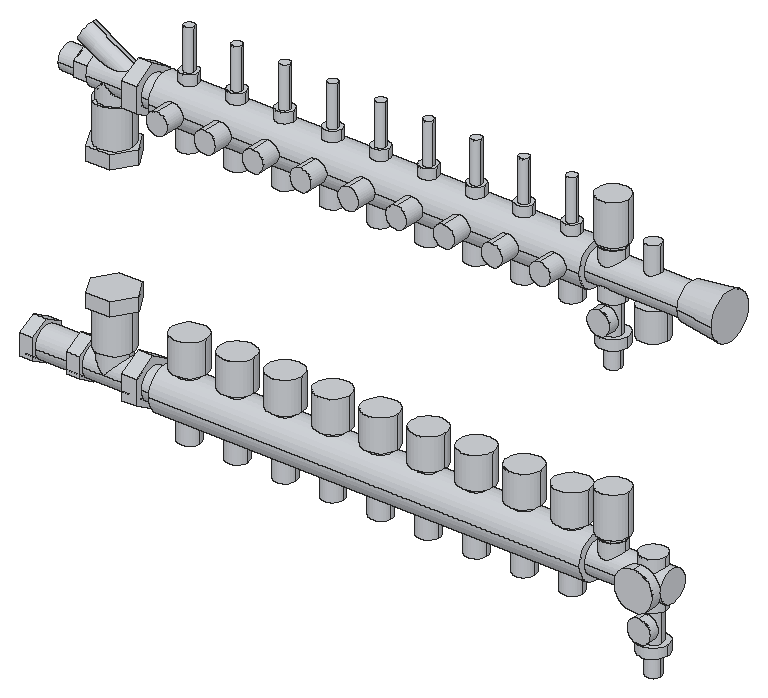
Revit family "318_1dab38ccfa9a4ba2b3cf6a35155c09", category Pipe Accessories, Revit 2017 (continued)
Automatic sketch dimensions
  Extrusion 18 sketch curve to plane 14 "377" = 10.5 mm  (x2)
  Extrusion 18 sketch curve to plane 32 "359" = 10.5 mm  (x2)
  plane 60 "331" to Extrusion 18 sketch curve = 4 mm
  Extrusion 19 sketch curve to plane 1 "Center (Front/Back)" = 0 mm  (x2)
  Extrusion 19 sketch curve to plane 14 "377" = 0 mm
  Extrusion 19 sketch curve to plane 5 "386" = 2.187 mm
  Extrusion 19 sketch curve to plane 1 "Center (Front/Back)" = 18.187 mm
  Extrusion 19 sketch curve to plane 14 "377" = 10.5 mm  (x2)
  Extrusion 19 sketch curve to plane 32 "359" = 10.5 mm  (x2)
  plane 60 "331" to Extrusion 19 sketch curve = 4 mm
  Extrusion 20 sketch curve to plane 5 "386" = 0 mm
  Extrusion 21 sketch curve to plane 1 "Center (Front/Back)" = 0 mm  (x2)
  Extrusion 21 sketch curve to plane 53 "338" = 0 mm
  Extrusion 21 sketch curve to plane 54 "337" = 0 mm
  plane 37 "354" to Extrusion 21 sketch curve = 0.349 mm
  Extrusion 21 sketch curve to plane 34 "357" = 9.5 mm  (x2)
  Extrusion 21 sketch curve to plane 1 "Center (Front/Back)" = 21.651 mm
  plane 58 "333" to Extrusion 21 sketch curve = 3.5 mm  (x2)
  Extrusion 22 sketch curve to plane 1 "Center (Front/Back)" = 0 mm  (x2)
  Extrusion 22 sketch curve to plane 60 "331" = 0 mm
  Extrusion 22 sketch curve to plane 56 "335" = 0 mm
  plane 37 "354" to Extrusion 22 sketch curve = 0.349 mm
  Extrusion 22 sketch curve to plane 14 "377" = 8.5 mm  (x2)
  Extrusion 22 sketch curve to plane 1 "Center (Front/Back)" = 21.651 mm
  Extrusion 22 sketch curve to plane 32 "359" = 12.5 mm  (x2)
  Extrusion 23 sketch curve to plane 5 "386" = 0 mm
  Extrusion 110 sketch curve to plane 5 "386" = 0 mm
  Blend 111 sketch curve to plane 5 "386" = 3 mm
  Blend 111 sketch curve to plane 37 "354" = 2 mm
  plane 49 "342" to Extrusion 112 sketch curve = 5 mm
  plane 1 "Center (Front/Back)" to Extrusion 113 sketch curve = 0 mm  (x2)
  plane 49 "342" to Extrusion 113 sketch curve = 5 mm
  Extrusion 113 sketch curve to plane 52 "339" = 6.5 mm  (x2)
  Extrusion 113 sketch curve to plane 9 "382" = 2.258 mm
  Extrusion 113 sketch curve to plane 46 "345" = 0.5 mm  (x2)
  plane 46 "345" to Extrusion 113 sketch curve = 6 mm
  Extrusion 113 sketch curve to plane 1 "Center (Front/Back)" = 11.258 mm
  plane 49 "342" to Extrusion 114 sketch curve = 2 mm
  Extrusion 115 sketch curve to plane 5 "386" = 0 mm
  plane 49 "342" to Extrusion 116 sketch curve = 5 mm
  plane 49 "342" to Extrusion 117 sketch curve = 2 mm
  plane 1 "Center (Front/Back)" to Extrusion 118 sketch curve = 0 mm  (x2)
  plane 49 "342" to Extrusion 118 sketch curve = 5 mm
  Extrusion 118 sketch curve to plane 52 "339" = 6.5 mm  (x2)
  Extrusion 118 sketch curve to plane 9 "382" = 2.258 mm
  Extrusion 118 sketch curve to plane 46 "345" = 0.5 mm  (x2)
  plane 46 "345" to Extrusion 118 sketch curve = 6 mm
  Extrusion 118 sketch curve to plane 1 "Center (Front/Back)" = 11.258 mm
  Extrusion 119 sketch curve to plane 47 "344" = 0 mm
  Extrusion 120 sketch curve to Extrusion 120 sketch curve = 8 mm
  Extrusion 121 sketch curve to Extrusion 121 sketch curve = 9 mm
  Extrusion 122 sketch curve to Extrusion 122 sketch curve = 13 mm
  Extrusion 123 sketch curve to plane 9 "382" = 1 mm
  Extrusion 124 sketch curve to plane 9 "382" = 1 mm
  Extrusion 125 sketch curve to plane 9 "382" = 1 mm
  Extrusion 126 sketch curve to plane 9 "382" = 1 mm
  Extrusion 127 sketch curve to plane 9 "382" = 1 mm
  Extrusion 128 sketch curve to plane 9 "382" = 1 mm
  Extrusion 129 sketch curve to plane 9 "382" = 1 mm
  Extrusion 130 sketch curve to plane 9 "382" = 1 mm
  Extrusion 131 sketch curve to plane 9 "382" = 1 mm
  Extrusion 132 sketch curve to plane 9 "382" = 1 mm
  Extrusion 133 sketch curve to plane 9 "382" = 1 mm
  Extrusion 134 sketch curve to plane 9 "382" = 1 mm
  Extrusion 135 sketch curve to plane 9 "382" = 1 mm
  Extrusion 136 sketch curve to plane 9 "382" = 1 mm
  Extrusion 137 sketch curve to plane 9 "382" = 1 mm
  Extrusion 138 sketch curve to plane 9 "382" = 1 mm
  Extrusion 139 sketch curve to plane 9 "382" = 1 mm
  Extrusion 140 sketch curve to plane 9 "382" = 1 mm
  Extrusion 141 sketch curve to plane 9 "382" = 1 mm
  Extrusion 142 sketch curve to plane 9 "382" = 1 mm
Connectors
  piping at (0, 0, 0), diameter 25, driven by "Flow supply main", driven by "SMP"
    settings: on Extrusion 139, index 1, connector inside diameter 609.6 mm, connector length 0 mm, flow factor 0, pipe flow 0.0 L/s, pressure drop 0.0 Pa, fitting loss kfactor 0, connector angle 0.00°, fixture units 0, engagement length 0 mm, angle of deflection 0.00°, flow configuration 1, flow direction 1, fitting loss method 0, system type 7, joint type 0, gender type 0, connector reference index -1, connector utility 0, adjustable connector no, is connector primary yes, connector description "Main_1_1"
  piping at (127, 0, -40), diameter 18, driven by "Flow supply 1", driven by "SBP1"
    settings: on Extrusion 141, index 2, connector inside diameter 609.6 mm, connector length 0 mm, flow factor 0, pipe flow 0.0 L/s, pressure drop 0.0 Pa, fitting loss kfactor 0, connector angle 0.00°, fixture units 0, engagement length 0 mm, angle of deflection 0.00°, flow configuration 0, flow direction 2, fitting loss method 0, system type 7, joint type 0, gender type 0, connector reference index -1, connector utility 0, adjustable connector no, is connector primary no, connector description "Branch_1_1"
  piping at (177, 0, -40), diameter 18, driven by "Flow supply 2", driven by "SBP2"
    settings: on Extrusion 142, index 3, connector inside diameter 609.6 mm, connector length 0 mm, flow factor 0, pipe flow 0.0 L/s, pressure drop 0.0 Pa, fitting loss kfactor 0, connector angle 0.00°, fixture units 0, engagement length 0 mm, angle of deflection 0.00°, flow configuration 0, flow direction 2, fitting loss method 0, system type 7, joint type 0, gender type 0, connector reference index -1, connector utility 0, adjustable connector no, is connector primary no, connector description "Branch_1_2"
  piping at (227, 0, -40), diameter 18, driven by "Flow supply 3", driven by "SBP3"
    settings: on Extrusion 138, index 4, connector inside diameter 609.6 mm, connector length 0 mm, flow factor 0, pipe flow 0.0 L/s, pressure drop 0.0 Pa, fitting loss kfactor 0, connector angle 0.00°, fixture units 0, engagement length 0 mm, angle of deflection 0.00°, flow configuration 0, flow direction 2, fitting loss method 0, system type 7, joint type 0, gender type 0, connector reference index -1, connector utility 0, adjustable connector no, is connector primary no, connector description "Branch_1_3"
  piping at (277, 0, -40), diameter 18, driven by "Flow supply 4", driven by "SBP4"
    settings: on Extrusion 137, index 5, connector inside diameter 609.6 mm, connector length 0 mm, flow factor 0, pipe flow 0.0 L/s, pressure drop 0.0 Pa, fitting loss kfactor 0, connector angle 0.00°, fixture units 0, engagement length 0 mm, angle of deflection 0.00°, flow configuration 0, flow direction 2, fitting loss method 0, system type 7, joint type 0, gender type 0, connector reference index -1, connector utility 0, adjustable connector no, is connector primary no, connector description "Branch_1_4"
  piping at (327, 0, -40), diameter 18, driven by "Flow supply 5", driven by "SBP5"
    settings: on Extrusion 136, index 6, connector inside diameter 609.6 mm, connector length 0 mm, flow factor 0, pipe flow 0.0 L/s, pressure drop 0.0 Pa, fitting loss kfactor 0, connector angle 0.00°, fixture units 0, engagement length 0 mm, angle of deflection 0.00°, flow configuration 0, flow direction 2, fitting loss method 0, system type 7, joint type 0, gender type 0, connector reference index -1, connector utility 0, adjustable connector no, is connector primary no, connector description "Branch_1_5"
  piping at (377, 0, -40), diameter 18, driven by "Flow supply 6", driven by "SBP6"
    settings: on Extrusion 135, index 7, connector inside diameter 609.6 mm, connector length 0 mm, flow factor 0, pipe flow 0.0 L/s, pressure drop 0.0 Pa, fitting loss kfactor 0, connector angle 0.00°, fixture units 0, engagement length 0 mm, angle of deflection 0.00°, flow configuration 0, flow direction 2, fitting loss method 0, system type 7, joint type 0, gender type 0, connector reference index -1, connector utility 0, adjustable connector no, is connector primary no, connector description "Branch_1_6"
  piping at (427, 0, -40), diameter 18, driven by "Flow supply 7", driven by "SBP7"
    settings: on Extrusion 134, index 8, connector inside diameter 609.6 mm, connector length 0 mm, flow factor 0, pipe flow 0.0 L/s, pressure drop 0.0 Pa, fitting loss kfactor 0, connector angle 0.00°, fixture units 0, engagement length 0 mm, angle of deflection 0.00°, flow configuration 0, flow direction 2, fitting loss method 0, system type 7, joint type 0, gender type 0, connector reference index -1, connector utility 0, adjustable connector no, is connector primary no, connector description "Branch_1_7"
  piping at (477, 0, -40), diameter 18, driven by "Flow supply 8", driven by "SBP8"
    settings: on Extrusion 132, index 9, connector inside diameter 609.6 mm, connector length 0 mm, flow factor 0, pipe flow 0.0 L/s, pressure drop 0.0 Pa, fitting loss kfactor 0, connector angle 0.00°, fixture units 0, engagement length 0 mm, angle of deflection 0.00°, flow configuration 0, flow direction 2, fitting loss method 0, system type 7, joint type 0, gender type 0, connector reference index -1, connector utility 0, adjustable connector no, is connector primary no, connector description "Branch_1_8"
  piping at (527, 0, -40), diameter 18, driven by "Flow supply 9", driven by "SBP9"
    settings: on Extrusion 133, index 10, connector inside diameter 609.6 mm, connector length 0 mm, flow factor 0, pipe flow 0.0 L/s, pressure drop 0.0 Pa, fitting loss kfactor 0, connector angle 0.00°, fixture units 0, engagement length 0 mm, angle of deflection 0.00°, flow configuration 0, flow direction 2, fitting loss method 0, system type 7, joint type 0, gender type 0, connector reference index -1, connector utility 0, adjustable connector no, is connector primary no, connector description "Branch_1_9"
  piping at (-35, 0, -274), diameter 25, driven by "Flow return main", driven by "RMP"
    settings: on Extrusion 140, index 11, connector inside diameter 609.6 mm, connector length 0 mm, flow factor 0, pipe flow 0.0 L/s, pressure drop 0.0 Pa, fitting loss kfactor 0, connector angle 0.00°, fixture units 0, engagement length 0 mm, angle of deflection 0.00°, flow configuration 1, flow direction 2, fitting loss method 0, system type 8, joint type 0, gender type 0, connector reference index -1, connector utility 0, adjustable connector no, is connector primary no, connector description "Main_2_1"
  piping at (127, 0, -314), diameter 18, driven by "Flow return 1", driven by "RBP1"
    settings: on Extrusion 130, index 12, connector inside diameter 609.6 mm, connector length 0 mm, flow factor 0, pipe flow 0.0 L/s, pressure drop 0.0 Pa, fitting loss kfactor 0, connector angle 0.00°, fixture units 0, engagement length 0 mm, angle of deflection 0.00°, flow configuration 0, flow direction 1, fitting loss method 0, system type 8, joint type 0, gender type 0, connector reference index -1, connector utility 0, adjustable connector no, is connector primary no, connector description "Branch_2_1"
  piping at (177, 0, -314), diameter 18, driven by "Flow return 2", driven by "RBP2"
    settings: on Extrusion 129, index 13, connector inside diameter 609.6 mm, connector length 0 mm, flow factor 0, pipe flow 0.0 L/s, pressure drop 0.0 Pa, fitting loss kfactor 0, connector angle 0.00°, fixture units 0, engagement length 0 mm, angle of deflection 0.00°, flow configuration 0, flow direction 1, fitting loss method 0, system type 8, joint type 0, gender type 0, connector reference index -1, connector utility 0, adjustable connector no, is connector primary no, connector description "Branch_2_2"
  piping at (227, 0, -314), diameter 18, driven by "Flow return 3", driven by "RBP3"
    settings: on Extrusion 131, index 14, connector inside diameter 609.6 mm, connector length 0 mm, flow factor 0, pipe flow 0.0 L/s, pressure drop 0.0 Pa, fitting loss kfactor 0, connector angle 0.00°, fixture units 0, engagement length 0 mm, angle of deflection 0.00°, flow configuration 0, flow direction 1, fitting loss method 0, system type 8, joint type 0, gender type 0, connector reference index -1, connector utility 0, adjustable connector no, is connector primary no, connector description "Branch_2_3"
  piping at (277, 0, -314), diameter 18, driven by "Flow return 4", driven by "RBP4"
    settings: on Extrusion 128, index 15, connector inside diameter 609.6 mm, connector length 0 mm, flow factor 0, pipe flow 0.0 L/s, pressure drop 0.0 Pa, fitting loss kfactor 0, connector angle 0.00°, fixture units 0, engagement length 0 mm, angle of deflection 0.00°, flow configuration 0, flow direction 1, fitting loss method 0, system type 8, joint type 0, gender type 0, connector reference index -1, connector utility 0, adjustable connector no, is connector primary no, connector description "Branch_2_4"
  piping at (327, 0, -314), diameter 18, driven by "Flow return 5", driven by "RBP5"
    settings: on Extrusion 127, index 16, connector inside diameter 609.6 mm, connector length 0 mm, flow factor 0, pipe flow 0.0 L/s, pressure drop 0.0 Pa, fitting loss kfactor 0, connector angle 0.00°, fixture units 0, engagement length 0 mm, angle of deflection 0.00°, flow configuration 0, flow direction 1, fitting loss method 0, system type 8, joint type 0, gender type 0, connector reference index -1, connector utility 0, adjustable connector no, is connector primary no, connector description "Branch_2_5"
  piping at (377, 0, -314), diameter 18, driven by "Flow return 6", driven by "RBP6"
    settings: on Extrusion 126, index 17, connector inside diameter 609.6 mm, connector length 0 mm, flow factor 0, pipe flow 0.0 L/s, pressure drop 0.0 Pa, fitting loss kfactor 0, connector angle 0.00°, fixture units 0, engagement length 0 mm, angle of deflection 0.00°, flow configuration 0, flow direction 1, fitting loss method 0, system type 8, joint type 0, gender type 0, connector reference index -1, connector utility 0, adjustable connector no, is connector primary no, connector description "Branch_2_6"
  piping at (427, 0, -314), diameter 18, driven by "Flow return 7", driven by "RBP7"
    settings: on Extrusion 125, index 18, connector inside diameter 609.6 mm, connector length 0 mm, flow factor 0, pipe flow 0.0 L/s, pressure drop 0.0 Pa, fitting loss kfactor 0, connector angle 0.00°, fixture units 0, engagement length 0 mm, angle of deflection 0.00°, flow configuration 0, flow direction 1, fitting loss method 0, system type 8, joint type 0, gender type 0, connector reference index -1, connector utility 0, adjustable connector no, is connector primary no, connector description "Branch_2_7"
  piping at (477, 0, -314), diameter 18, driven by "Flow return 8", driven by "RBP8"
    settings: on Extrusion 123, index 19, connector inside diameter 609.6 mm, connector length 0 mm, flow factor 0, pipe flow 0.0 L/s, pressure drop 0.0 Pa, fitting loss kfactor 0, connector angle 0.00°, fixture units 0, engagement length 0 mm, angle of deflection 0.00°, flow configuration 0, flow direction 1, fitting loss method 0, system type 8, joint type 0, gender type 0, connector reference index -1, connector utility 0, adjustable connector no, is connector primary no, connector description "Branch_2_8"
  piping at (527, 0, -314), diameter 18, driven by "Flow return 9", driven by "RBP9"
    settings: on Extrusion 124, index 20, connector inside diameter 609.6 mm, connector length 0 mm, flow factor 0, pipe flow 0.0 L/s, pressure drop 0.0 Pa, fitting loss kfactor 0, connector angle 0.00°, fixture units 0, engagement length 0 mm, angle of deflection 0.00°, flow configuration 0, flow direction 1, fitting loss method 0, system type 8, joint type 0, gender type 0, connector reference index -1, connector utility 0, adjustable connector no, is connector primary no, connector description "Branch_2_9"
